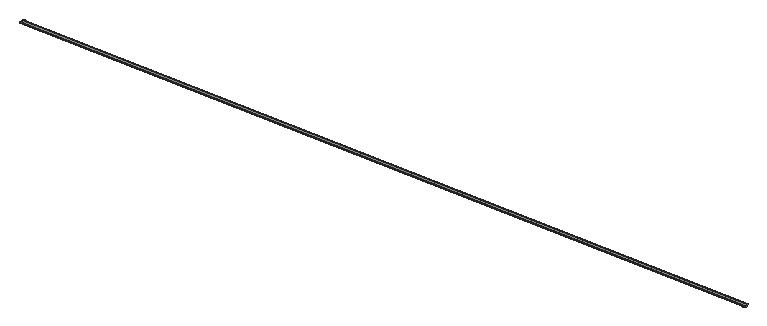
Revit family "FLEX_3000MM", category Lighting Fixtures, host Ceiling, Revit 2021
Family settings
  Host = Ceiling
  Round Connector Dimension = Use Diameter
  Part Type = Normal
  OmniClass Number = 23.80.70.11
  OmniClass Title = Luminaries for Internal Lighting
  Always vertical = Yes
  Cut with Voids When Loaded = No
  Light Source = Yes
  Shared = No
  Room Calculation Point = No
Parameters (values of type "Type 1")
  Wattage = 9.2903 W
  built-in parameter 1150110 = 1 (stored number, unit not read)
  Type de lampe = "Ruban LED"
  Type = "Profilé souple + capot diffusant"
  built-in parameter 1114217 = 1 (stored number, unit not read)
  built-in parameter 1150109 = 1 (stored number, unit not read)
  built-in parameter 1150134 = (empty or 0)
  built-in parameter 1150113 = 1 (stored number, unit not read)
  Matériau = "Aluminium anodisé/Polycarbonate"
  Lumens = 1380 lm
  built-in parameter 1150115 = 1 (stored number, unit not read)
  built-in parameter 1150105 = 439.27 (stored number, unit not read)
  Light Source Symbol Size = 609.6 mm
  built-in parameter 1150137 = (empty or 0)
  built-in parameter 1150139 = (empty or 0)
  built-in parameter 1150112 = 1 (stored number, unit not read)
  built-in parameter 1150114 = 1 (stored number, unit not read)
  built-in parameter 1150132 = 2
  built-in parameter 1150102 = (empty or 0)
  built-in parameter 1150138 = (empty or 0)
  built-in parameter 1150107 = 3000 (stored number, unit not read)
  built-in parameter 1150106 = 4.3927 (stored number, unit not read)
  Fintion = "Gris aluminium"
  Emit from Line Length = 609.6 mm
  built-in parameter 1150104 = 13.8 (stored number, unit not read)
  Driver = "Driver externe"
  Dimming Lamp Color Temperature Shift = <None>
  Dimensions = "18x5,7 mm, L : 3000 mm"
  Diffuseur = "Polycarbonate opale"
  Default Elevation = 0 mm
  Color Filter = 16777215
  built-in parameter 1114218 = 1 (stored number, unit not read)
  built-in parameter 1150133 = 10 (stored number, unit not read)
Reference planes
  plane 1 "Light Source Axis (F/B)": y = 0
  plane 2: z = 0
  plane 3 "Light Source Axis (L/R)": x = 0
  plane 4 "Ceiling": z = 4000
  plane 5 "Light Source Elevation": z = 3998.772
Forms (mm)
  Extrusion 1, solid, material "Aluminum, Anodized Grey"
    sketch origin (0, 0, 4000) x (0, 1, 0) y (-1, 0, 0)
      loop
        line (9, 1500) -> (-9, 1500) -> (-9, -1500) -> (9, -1500) -> (9, 1500)
    from 0 to -0.601
  Extrusion 2, solid, material "Aluminum, Anodized Grey"
    sketch origin (0, 0, 0) x (0, 1, 0) y (0, 0, 1)
      loop
        line (-8.51, 3999.399) -> (-8.51, 3998.265) -> (-7.421, 3998.265) -> (-7.421, 3999.399) -> (-8.51, 3999.399)
    from -1500 to 1500
  Extrusion 3, solid, material "Aluminum, Anodized Grey"
    sketch origin (0, 0, 0) x (0, -1, 0) y (0, 0, -1)
      loop
        line (-8.51, -3999.399) -> (-7.421, -3999.399) -> (-7.421, -3998.265) -> (-8.51, -3998.265) -> (-8.51, -3999.399)
    from -1500 to 1500
  Extrusion 4, solid, material "Glass, White, High Luminance"
    sketch origin (0, 0, 0) x (0, 1, 0) y (0, 0, 1)
      loop
        arc (-7.421, 3999.399) -> (0, 3994.3) -> (7.421, 3999.399) r 7.95
        arc (7.421, 3999.399) -> (0, 3995.5) -> (-7.421, 3999.399) r 9.013
    from -1500 to 1500
Lines and regions (mm)
  reference lines
    curve 1: line (0, 0, 4000) -> (1500, 0, 4000)
    curve 2: line (0, 0, 4000) -> (-1500, 0, 4000)
    curve 3: line (0, 0, 4000) -> (0, -5.5, 4000)
    curve 4: line (0, 0, 4000) -> (0, 5.5, 4000)
    curve 5: line (0, 0, 4000) -> (0, 0, 3995.5)
    curve 6: line (0, 0, 3999.147) -> (0, 4, 3999.147)
    curve 7: line (0, 0, 3999.147) -> (0, -4, 3999.147)
    curve 8: line (0, 0, 4000) -> (0, 9, 4000)
    curve 9: line (0, 0, 4000) -> (0, -9, 4000)
    curve 10: line (0, 0, 4000) -> (0, 0, 3994.3)
    curve 11: line (0, 0, 3994.3) -> (0, 1.341, 3994.3)
Dimensions and locks
  equal spacing: host sketch curve, plane 3 "Light Source Axis (L/R)", host sketch curve
  equal spacing: host sketch curve, plane 1 "Light Source Axis (F/B)", host sketch curve
  host sketch curve to host sketch curve = 4000 mm  (x2)
  plane 4 "Ceiling" to host ceiling = 0 mm
  aligned and locked: plane 1 "Light Source Axis (F/B)" to imposter light
  aligned and locked: plane 5 "Light Source Elevation" to imposter light
